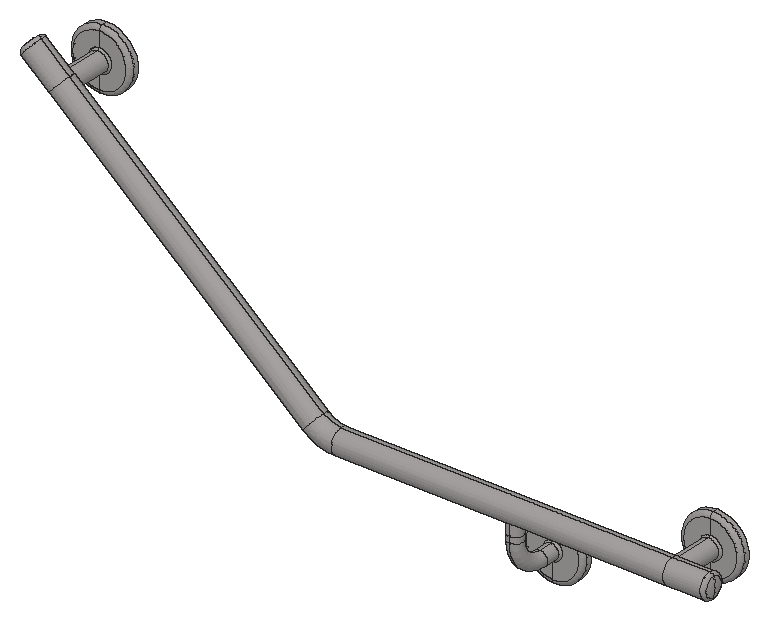
Revit family "Reece_Accessory_Mizu_Drift_Grab Rail_40 Degree_Ambulant", category Plumbing Fixtures, Revit 2018
Family settings
  Round Connector Dimension = Use Diameter
  Part Type = Normal
  Work Plane-Based = Yes
  Always vertical = Yes
  Cut with Voids When Loaded = Yes
  Shared = Yes
  Room Calculation Point = Yes
Parameters (values of type "Right_Brushed Gunmetal")
  URL = "https://www.reece.com.au/product/-2266524"
  Type Comments = "Accessory"
  Right Hand = not(Left Hand)  # yes
  Reece_Product_Web Page = "https://www.reece.com.au/product/-2266524"
  Reece_Product_Type = "Accessory"  # constant formula
  Reece_Product_Sub Brand = "Drift"  # constant formula
  Reece_Product_Number = "2266524"
  Reece_Product_Mount = "Wall Mounted"  # constant formula
  Reece_Product_Description = "Mizu Drift 450mm x 450mm x 40deg Ambulant Toilet Grab Rail Right Hand Brushed Gunmetal"
  Reece_Product_Brand = "Mizu"  # constant formula
  Reece_Material_Main = Reece_Brass_Brushed Gunmetal
  Reece_Installation_Minimum Depth [instance] = if(Reece_Height_From_Level < 40 mm, 40 mm, if(Reece_Height_From_Level > 40 mm, Reece_Height_From_Level, Reece_Height_From_Level))  # 600 mm
  Reece_Height_From_Level [instance] = 600 mm
  Reece_Fixing_Point_Width = 795 mm  # constant formula
  Reece_Detail_Shape = "40 Degree"  # constant formula
  Reece_Detail_Function = "Ambulant Toilet"  # constant formula
  Reece_Detail_Disclaimer = "THIS FILE IS THE PROPERTY OF THE REECE GROUP. IT MAY NOT BE REPRODUCED, REVERSE-ENGINEERED, OR MODIFIED. ANY REPUBLICATION, TRANSMISSION, OR DISTRIBUTION FOR THE PURPOSE OF COMMERCIALLY EXPLOITING THE FILES IS PROHIBITED."  # constant formula
  Reece_Detail_Additional = "Angled Grab Rail"  # constant formula
  Reece_Accessory_Projection = 89.3 mm  # constant formula
  Model = "Drift"
  Manufacturer = "Mizu"
  Left Hand = no
  Keynote = "Product #2266524, Reece_Accessory_Mizu_Drift_Grab Rail_40 Degree_Ambulant - Right_Brushed Gunmetal"
  Disclaimer = "THIS FILE IS THE PROPERTY OF THE REECE GROUP. IT MAY NOT BE REPRODUCED, REVERSE-ENGINEERED, OR MODIFIED. ANY REPUBLICATION, TRANSMISSION, OR DISTRIBUTION FOR THE PURPOSE OF COMMERCIALLY EXPLOITING THE FILES IS PROHIBITED."  # constant formula
  Description = "Mizu Drift 450mm x 450mm x 40deg Ambulant Toilet Grab Rail Right Hand Brushed Gunmetal"
  Default Elevation = 0 mm
Types (11, lengths in mm): name | URL | Right Hand | Reece_Product_Web Page | Reece_Product_Number | Reece_Product_Description | Reece_Material_Main | Left Hand | Keynote | Description
  (no name) | "https://www.reece.com.au/product/-2266704" | no | "https://www.reece.com.au/product/-2266704" | "2266704" | "Mizu Drift 450mm x 450mm x 40deg Ambulant Toilet Grab Rail Left Hand Brushed Brass" | Reece_Brass_Brushed | yes | "Product #2266704, Reece_Accessory_Mizu_Drift_Grab Rail_40 Degree_Ambulant -  " | "Mizu Drift 450mm x 450mm x 40deg Ambulant Toilet Grab Rail Left Hand Brushed Brass"
  Left_Brushed Brass | "https://www.reece.com.au/product/-2266704" | no | "https://www.reece.com.au/product/-2266704" | "2266704" | "Mizu Drift 450mm x 450mm x 40deg Ambulant Toilet Grab Rail Left Hand Brushed Brass" | Reece_Brass_Brushed | yes | "Product #2266704, Reece_Accessory_Mizu_Drift_Grab Rail_40 Degree_Ambulant - Left_Brushed Brass" | "Mizu Drift 450mm x 450mm x 40deg Ambulant Toilet Grab Rail Left Hand Brushed Brass"
  Left_Brushed Gunmetal | "https://www.reece.com.au/product/-2266520" | no | "https://www.reece.com.au/product/-2266520" | "2266520" | "Mizu Drift 450mm x 450mm x 40deg Ambulant Toilet Grab Rail Left Hand Brushed Gunmetal" | Reece_Brass_Brushed Gunmetal | yes | "Product #2266520, Reece_Accessory_Mizu_Drift_Grab Rail_40 Degree_Ambulant - Left_Brushed Gunmetal" | "Mizu Drift 450mm x 450mm x 40deg Ambulant Toilet Grab Rail Left Hand Brushed Gunmetal"
  Left_Brushed Stainless Steel | "https://www.reece.com.au/product/-2266517" | no | "https://www.reece.com.au/product/-2266517" | "2266517" | "Mizu Drift 450mm x 450mm x 40deg Ambulant Toilet Grab Rail Left Hand Brushed Stainless Steel" | Reece_Brass_Brushed Stainless Steel | yes | "Product #2266517, Reece_Accessory_Mizu_Drift_Grab Rail_40 Degree_Ambulant - Left_Brushed Stainless Steel" | "Mizu Drift 450mm x 450mm x 40deg Ambulant Toilet Grab Rail Left Hand Brushed Stainless Steel"
  Left_Matte Black | "https://www.reece.com.au/product/-2266519" | no | "https://www.reece.com.au/product/-2266519" | "2266519" | "Mizu Drift 450mm x 450mm x 40deg Ambulant Toilet Grab Rail Left Hand Matte Black" | Reece_Brass_Matte Black | yes | "Product #2266519, Reece_Accessory_Mizu_Drift_Grab Rail_40 Degree_Ambulant - Left_Matte Black" | "Mizu Drift 450mm x 450mm x 40deg Ambulant Toilet Grab Rail Left Hand Matte Black"
  Left_Polished Stainless Steel | "https://www.reece.com.au/product/-2266518" | no | "https://www.reece.com.au/product/-2266518" | "2266518" | "Mizu Drift 450mm x 450mm x 40deg Ambulant Toilet Grab Rail Left Hand Polished Stainless Steel" | Reece_Metal_Stainless Steel_Polished | yes | "Product #2266518, Reece_Accessory_Mizu_Drift_Grab Rail_40 Degree_Ambulant - Left_Polished Stainless Steel" | "Mizu Drift 450mm x 450mm x 40deg Ambulant Toilet Grab Rail Left Hand Polished Stainless Steel"
  Right_Brushed Brass | "https://www.reece.com.au/product/-2266705" | yes | "https://www.reece.com.au/product/-2266705" | "2266705" | "Mizu Drift 450mm x 450mm x 40deg Ambulant Toilet Grab Rail Right Hand Brushed Brass" | Reece_Brass_Brushed | no | "Product #2266705, Reece_Accessory_Mizu_Drift_Grab Rail_40 Degree_Ambulant - Right_Brushed Brass" | "Mizu Drift 450mm x 450mm x 40deg Ambulant Toilet Grab Rail Right Hand Brushed Brass"
  Right_Brushed Stainless Steel | "https://www.reece.com.au/product/-2266521" | yes | "https://www.reece.com.au/product/-2266521" | "2266521" | "Mizu Drift 450mm x 450mm x 40deg Ambulant Toilet Grab Rail Right Hand Brushed Stainless Steel" | Reece_Brass_Brushed Stainless Steel | no | "Product #2266521, Reece_Accessory_Mizu_Drift_Grab Rail_40 Degree_Ambulant - Right_Brushed Stainless Steel" | "Mizu Drift 450mm x 450mm x 40deg Ambulant Toilet Grab Rail Right Hand Brushed Stainless Steel"
  Right_Matte Black | "https://www.reece.com.au/product/-2266523" | yes | "https://www.reece.com.au/product/-2266523" | "2266523" | "Mizu Drift 450mm x 450mm x 40deg Ambulant Toilet Grab Rail Right Hand Matte Black" | Reece_Brass_Matte Black | no | "Product #2266523, Reece_Accessory_Mizu_Drift_Grab Rail_40 Degree_Ambulant - Right_Matte Black" | "Mizu Drift 450mm x 450mm x 40deg Ambulant Toilet Grab Rail Right Hand Matte Black"
  Right_Polished Stainless Steel | "https://www.reece.com.au/product/-2266522" | yes | "https://www.reece.com.au/product/-2266522" | "2266522" | "Mizu Drift 450mm x 450mm x 40deg Ambulant Toilet Grab Rail Right Hand Polished Stainless Steel" | Reece_Metal_Stainless Steel_Polished | no | "Product #2266522, Reece_Accessory_Mizu_Drift_Grab Rail_40 Degree_Ambulant - Right_Polished Stainless Steel" | "Mizu Drift 450mm x 450mm x 40deg Ambulant Toilet Grab Rail Right Hand Polished Stainless Steel"
  Right_Brushed Gunmetal | "https://www.reece.com.au/product/-2266524" | yes | "https://www.reece.com.au/product/-2266524" | "2266524" | "Mizu Drift 450mm x 450mm x 40deg Ambulant Toilet Grab Rail Right Hand Brushed Gunmetal" | Reece_Brass_Brushed Gunmetal | no | "Product #2266524, Reece_Accessory_Mizu_Drift_Grab Rail_40 Degree_Ambulant - Right_Brushed Gunmetal" | "Mizu Drift 450mm x 450mm x 40deg Ambulant Toilet Grab Rail Right Hand Brushed Gunmetal"
Reference planes
  plane 1 "Center (Front/Back)": y = 0
  plane 2 "Bottom Host Plane": z = -5
  plane 3 "Center (Left/Right)": x = 0
  plane 4 "Height From Level": z = 600
  plane 5: y = -89.3
  plane 6: x = -397.5
  plane 7: x = 397.5
Lines and regions (mm)
  model lines, style "InvisibleLines"
    curve 1: line (0, 0, 600) -> (0, 0, 0)
Text (mm)
  text "Reece ©" at (2749.3, -2034.325, 3233.188), in view "Reece Preview"
  text "Reece Copyright © 2018, Reece Ltd." at (-1410.457, -353.465, 0), in view "Ref. Level"
Dimensions and locks
  locked: plane 2 "Bottom Host Plane" to level at 5
  "Reece_Installation_Minimum Depth": plane 4 "Height From Level" to level
  "Reece_Accessory_Projection": plane 1 "Center (Front/Back)" to plane 5
  equal spacing: plane 6, plane 3 "Center (Left/Right)", plane 7
  "Reece_Fixing_Point_Width": plane 6 to plane 7
  aligned and locked: plane 4 "Height From Level" to curve 1
  aligned and locked: level to curve 1
  aligned and locked: plane 3 "Center (Left/Right)" to nested 2
  aligned and locked: plane 3 "Center (Left/Right)" to nested 1
Automatic sketch dimensions
  curve 1 to plane 3 "Center (Left/Right)" = 0 mm
Nested families
  nested 1: "Reece_Accessory_Mizu_Drift_Grab Rail_40 Degree_Ambulant_Nested" at (52.5, 0, 600), visible <- "Left Hand", Reece_Material_Main <- "Reece_Material_Main", type "Reece_Accessory_Mizu_Drift_Grab Rail_40 Degree_Ambulant_Nested"
    with Reece_Material_Main Reece_Brass_Brushed Gunmetal
  nested 2: "Reece_Accessory_Mizu_Drift_Grab Rail_40 Degree_Ambulant_Nested" at (-52.5, 0, 600) x (-1, 0, 0) z (0, 0, 1), visible <- "Right Hand", Reece_Material_Main <- "Reece_Material_Main", type "Reece_Accessory_Mizu_Drift_Grab Rail_40 Degree_Ambulant_Nested"
    with Reece_Material_Main Reece_Brass_Brushed Gunmetal
Definition of nested family "Reece_Accessory_Mizu_Drift_Grab Rail_40 Degree_Ambulant_Nested"
  Parameters (values of type "Reece_Accessory_Mizu_Drift_Grab Rail_40 Degree_Ambulant_Nested")
    Reece_Product_Web Page = ""
    Reece_Product_Type = ""
    Reece_Product_Sub Brand = ""
    Reece_Product_Number = ""
    Reece_Product_Mount = ""
    Reece_Product_Description = ""
    Reece_Product_Brand = ""
    Reece_Material_Main [instance] = none
    Reece_Detail_Shape = ""
    Reece_Detail_Installation = ""
    Reece_Detail_Connector = ""
    Reece_Detail_Additional = ""
    Default Elevation = 0 mm
  Reference planes
    plane 1 "Center (Front/Back)": y = 0
    plane 2 "Bottom Host Plane": z = 0
    plane 3 "Center (Left/Right)": x = -52.5
    plane 4 "end rail": x = -450
    plane 5: x = -505
    plane 6 "mid rail": x = -245
    plane 7: through (334.5, -1524, 376.435) normal (0.766, 0, 0.6428)
    plane 8: through (373.391, -1524, 415.325) normal (0.766, 0, 0.6428)
    plane 9 "mid": y = -73.37
    plane 10 "High Rail": x = 345
    plane 11: z = 75
    plane 12: z = 364
    plane 13: y = -89.3
  Forms (mm)
    Revolve 1, solid, material <- "Reece_Material_Main"
      sketch origin (0, -73.37, 75) x (-1, 0, 0) y (0, 0, 1)
        loop
          line (450, 15.9) -> (450, 0) -> (505, 0)
          arc (505, 0) -> (504.555, 6.219) -> (503.227, 12.311) r 43.635
          arc (503.227, 12.311) -> (501.426, 14.903) -> (498.431, 15.9) r 5
          line (498.431, 15.9) -> (450, 15.9)
        axis (505, 0) -> (450, 0)
      angle from 0 to 360
    Sweep 2, solid, material <- "Reece_Material_Main"
      path origin (0, -73.37, 75) x (-1, 0, 0) y (0, 0, 1)
        loop
          line (450, 0) -> (18.526, 0)
          arc (18.526, 0) -> (1.117, 3.07) -> (-14.192, 11.908) r 50.9
          line (-14.192, 11.908) -> (-344.72, 289.254)
      profile origin (-234.263, -73.37, 75) x (0, 0, -1) y (0, 1, 0)
        loop
          circle (0, 0) r 15.9
    Revolve 3, solid, material <- "Reece_Material_Main"
      sketch origin (0, -73.37, 75) x (0.766044, 0, 0.642788) y (0.642788, 0, -0.766044)
        loop
          line (450, 15.9) -> (450, 0) -> (505, 0)
          arc (505, 0) -> (504.555, 6.219) -> (503.227, 12.311) r 43.635
          arc (503.227, 12.311) -> (501.426, 14.903) -> (498.431, 15.9) r 5
          line (498.431, 15.9) -> (450, 15.9)
        axis (505, 0) -> (450, 0)
      angle from 0 to 360
    Revolve 4, solid, material <- "Reece_Material_Main"
      sketch origin (-450, 0, 75) x (0, 0, 1) y (0, -1, 0)
        loop
          line (0, 0) -> (40, 0) -> (40, 6.5)
          arc (40, 6.5) -> (38.389, 10.389) -> (34.5, 12) r 5.5
          line (34.5, 12) -> (15, 12) -> (12.5, 14.8) -> (12.5, 73.37) -> (0, 73.37) -> (0, 0)
        axis (0, 0) -> (0, 73.37)
      angle from 0 to 360
    Revolve 5, solid, material <- "Reece_Material_Main"
      sketch origin (-245, 0, 0) x (0, 0, 1) y (0, -1, 0)
        loop
          line (0, 0) -> (40, 0) -> (40, 6.5)
          arc (40, 6.5) -> (38.389, 10.389) -> (34.5, 12) r 5.5
          line (34.5, 12) -> (12.2, 12) -> (9.55, 14.968) -> (0, 14.968) -> (0, 0)
        axis (0, 0) -> (0, 14.968)
      angle from 0 to 360
    Sweep 6, solid, material <- "Reece_Material_Main"
      path origin (-245, 0, 0) x (0, 0, 1) y (0, -1, 0)
        loop
          line (0, 14.968) -> (0, 33.37)
          arc (0, 33.37) -> (11.716, 61.654) -> (40, 73.37) r 40
          line (40, 73.37) -> (47.881, 73.37)
      profile origin (-245, -24.169, 0) x (0, 0, -1) y (1, 0, 0)
        loop
          circle (0, 0) r 9.55
    Revolve 7, solid, material <- "Reece_Material_Main"
      sketch origin (-245, 0, 0) x (0, 0, 1) y (0, -1, 0)
        loop
          line (77.18, 73.37) -> (47.881, 73.37) -> (47.881, 63.82) -> (77.18, 63.82) -> (77.18, 73.37)
        axis (47.881, 73.37) -> (77.18, 73.37)
      angle from 0 to 360
    Revolve 8, solid, material <- "Reece_Material_Main"
      sketch origin (345, 0, 287.9) x (0, 0, 1) y (0, -1, 0)
        loop
          line (76.1, 0) -> (116.1, 0) -> (116.1, 6.5)
          arc (116.1, 6.5) -> (114.489, 10.389) -> (110.6, 12) r 5.5
          line (110.6, 12) -> (91.1, 12) -> (88.6, 14.8) -> (88.6, 73.37) -> (76.1, 73.37) -> (76.1, 0)
        axis (76.1, 0) -> (76.1, 73.37)
      angle from 0 to 360
  Cuts and joins
    joined: Revolve 1, Sweep 2, Revolve 3, Revolve 4, Revolve 5, Sweep 6, Revolve 7, Revolve 8
  Text (mm)
    text "Reece ©" at (2801.842, -2385.211, 2829.759), in view "Reece Preview"
    text "Reece Copyright © 2018, Reece Ltd." at (-1077.021, -315.4, 0), in view "Ref. Level"
  Dimensions and locks
    plane 10 "High Rail" to plane 6 "mid rail" to plane 4 "end rail" to plane 5 = 590 mm locked, 205 mm locked, 55 mm locked
    plane 8 to plane 7 to plane 3 "Center (Left/Right)" = 54.791 mm locked, 538.426 mm
    plane 12 to plane 11 to level = 289 mm, 75 mm
    plane 4 "end rail" to plane 10 "High Rail" = 795 mm
    equal spacing: plane 4 "end rail", plane 3 "Center (Left/Right)", plane 10 "High Rail"
    plane 13 to plane 1 "Center (Front/Back)" = 89.3 mm
    aligned and locked: plane 4 "end rail" to Revolve 1 sketch curve
    aligned and locked: plane 5 to Revolve 1 sketch curve
    aligned and locked: plane 9 "mid" to Revolve 4 sketch curve
  Automatic sketch dimensions
    Revolve 1 sketch curve to plane 11 = 0 mm  (x2)
    Revolve 1 sketch curve to Revolve 1 sketch curve = 11.365 mm
    plane 5 to Revolve 1 sketch curve = 6.569 mm
    Revolve 1 sketch curve to plane 11 = 10.9 mm
    Revolve 1 sketch curve to plane 11 = 15.9 mm
    plane 6 "mid rail" to Revolve 1 sketch curve = 95 mm
    Revolve 1 sketch curve to plane 5 = 85 mm
    Sweep 2 sketch curve to plane 7 = 0 mm
    Sweep 2 sketch curve to plane 11 = 0 mm
    Sweep 2 sketch curve to plane 4 "end rail" = 0 mm
    plane 3 "Center (Left/Right)" to Sweep 2 sketch curve = 33.974 mm
    Sweep 2 sketch curve to plane 11 = 11.908 mm
    Sweep 2 sketch curve to Sweep 2 sketch curve = 32.718 mm
    Sweep 2 sketch curve to plane 10 "High Rail" = 0.28 mm
    Sweep 2 sketch curve to Sweep 2 sketch curve = 0 mm  (x2)
    Sweep 2 sketch curve to plane 9 "mid" = 0 mm
    Sweep 2 sketch curve to profile plane = 0 mm
    profile plane to Sweep 2 sketch curve = 15.9 mm
    Revolve 3 sketch curve to plane 7 = 0 mm
    Revolve 3 sketch curve to Revolve 3 sketch curve = 11.365 mm
    Revolve 3 sketch curve to plane 8 = 6.36 mm
    plane 8 to Revolve 3 sketch curve = 0.209 mm
    plane 10 "High Rail" to Revolve 3 sketch curve = 8.426 mm
    Revolve 3 sketch curve to Revolve 3 sketch curve = 10.9 mm
    Revolve 3 sketch curve to Revolve 3 sketch curve = 15.9 mm
    Revolve 3 sketch curve to plane 7 = 300 mm
    Revolve 3 sketch curve to Revolve 3 sketch curve = 85 mm
    Revolve 3 sketch curve to Revolve 3 sketch curve = 0 mm
    plane 11 to Revolve 4 sketch curve = 0 mm  (x2)
    Revolve 4 sketch curve to plane 1 "Center (Front/Back)" = 0 mm
    Revolve 4 sketch curve to plane 11 = 12.5 mm
    Revolve 4 sketch curve to Revolve 4 sketch curve = 2.5 mm
    Revolve 4 sketch curve to Revolve 4 sketch curve = 19.5 mm
    Revolve 4 sketch curve to Revolve 4 sketch curve = 5.5 mm
    plane 1 "Center (Front/Back)" to Revolve 4 sketch curve = 6.5 mm
    Revolve 4 sketch curve to Revolve 4 sketch curve = 2.8 mm
    Revolve 4 sketch curve to plane 1 "Center (Front/Back)" = 255.099 mm
    Revolve 4 sketch curve to Revolve 4 sketch curve = 733.21 mm
    Revolve 5 sketch curve to level = 0 mm  (x2)
    Revolve 5 sketch curve to plane 1 "Center (Front/Back)" = 0 mm
    Revolve 5 sketch curve to Revolve 5 sketch curve = 9.55 mm
    Revolve 5 sketch curve to Revolve 5 sketch curve = 2.65 mm
    Revolve 5 sketch curve to Revolve 5 sketch curve = 22.3 mm
    Revolve 5 sketch curve to Revolve 5 sketch curve = 5.5 mm
    plane 1 "Center (Front/Back)" to Revolve 5 sketch curve = 6.5 mm
    Revolve 5 sketch curve to Revolve 5 sketch curve = 2.968 mm
    Revolve 5 sketch curve to plane 1 "Center (Front/Back)" = 255.099 mm
    Revolve 5 sketch curve to plane 9 "mid" = 733.21 mm
    Sweep 6 sketch curve to level = 0 mm
    Sweep 6 sketch curve to plane 9 "mid" = 0 mm
    plane 11 to Sweep 6 sketch curve = 35 mm
    Sweep 6 sketch curve to Sweep 6 sketch curve = 7.881 mm
    plane 1 "Center (Front/Back)" to Sweep 6 sketch curve = 14.968 mm
    Sweep 6 sketch curve to Sweep 6 sketch curve = 0 mm  (x2)
    Sweep 6 sketch curve to plane 6 "mid rail" = 0 mm
    Sweep 6 sketch curve to profile plane = 0 mm
    Sweep 6 sketch curve to Sweep 6 sketch curve = 9.55 mm
    Revolve 7 sketch curve to plane 9 "mid" = 0 mm  (x2)
    plane 11 to Revolve 7 sketch curve = 27.119 mm
    Revolve 7 sketch curve to plane 11 = 2.18 mm
    plane 9 "mid" to Revolve 7 sketch curve = 9.55 mm
    Revolve 7 sketch curve to Revolve 7 sketch curve = 2.227 mm
    Revolve 7 sketch curve to Revolve 7 sketch curve = 2.928 mm
    plane 12 to Revolve 8 sketch curve = 0 mm  (x2)
    Revolve 8 sketch curve to plane 1 "Center (Front/Back)" = 0 mm
    Revolve 8 sketch curve to plane 9 "mid" = 0 mm
    Revolve 8 sketch curve to plane 12 = 12.5 mm
    Revolve 8 sketch curve to Revolve 8 sketch curve = 2.5 mm
    Revolve 8 sketch curve to Revolve 8 sketch curve = 19.5 mm
    Revolve 8 sketch curve to Revolve 8 sketch curve = 5.5 mm
    plane 1 "Center (Front/Back)" to Revolve 8 sketch curve = 6.5 mm
    Revolve 8 sketch curve to Revolve 8 sketch curve = 2.8 mm
    Revolve 8 sketch curve to plane 1 "Center (Front/Back)" = 255.099 mm
    Revolve 8 sketch curve to plane 9 "mid" = 733.21 mm
